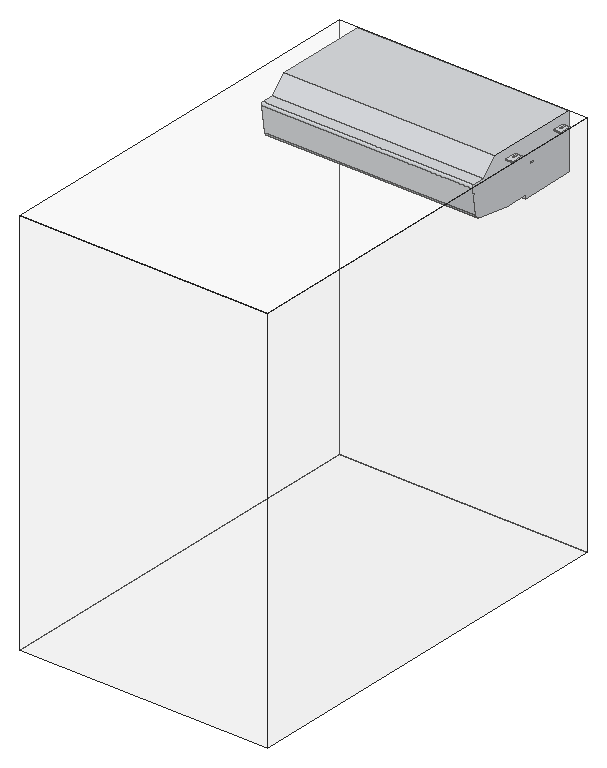
Revit family "pc-rp80_140ha19_60hz", category 機械設備, Revit 2019
Family settings
  丸型コネクタ寸法 = 直径を使用
  パーツ タイプ = 標準
  OmniClass 番号 = 23.75.10.24.21.27.27
  OmniClass タイトル = Split System Air Conditioning Units
  作業面ベース = いいえ
  常に垂直 = はい
  ロード時にボイドで切り取り = いいえ
  共有 = いいえ
  部屋計算ポイント = はい
Parameters (values of type "厨房天吊_PC-RP80HA19")
  風量_強 (m3/min) = 17
  風量_弱 (m3/min) = 15
  風量 = MAX風量  # 1020.0 m³/h
  音響パワーレベル_強 (dB) = 57
  音響パワーレベル_弱 (dB) = 55
  音響パワーレベル(dB) = [音響パワーレベル_強 (dB)]  # 57
  電源種別 = ""
  電源_H = 0 mm
  電圧 = 0 V
  電動機出力_送風機 = 0.04 kW
  運転質量 = 0.00 kg
  連動 = ""
  質量 = if(製品質量 > 運転質量, 製品質量, 運転質量) * 1.2  # 50.40 kg
  負荷分類 = 3_ファン類
  構成品番 = "PC-RP80HA19"
  冷媒液管位置 = 175 mm
  冷媒ガス管位置 = 197 mm
  ドレン管径 (外径) = 32 mm
  【値が 0 の項目は組合せ形名にてご確認ください】 = ""
  MIN風量 = [風量_弱 (m3/min)] * 60.0 m³/h  # 900.0 m³/h
  MAX風量 = [風量_強 (m3/min)] * 60.0 m³/h  # 1020.0 m³/h
  サービススペース = yes
  ケーブルサイズ = 0 mm
  Version = ""
  URL = "https://www.mitsubishielectric.co.jp/ldg/wink/ssl/top.do"
  Line = not(Width = 1136 mm)  # no
  説明 = "店舗・事務所用パッケージエアコン(Mr.SLIM) 厨房用(天吊形)"
  設計暖房能力 = 0.00 kW
  設計冷房能力_顕熱 = 0 kW
  設計冷房能力 = 0 kW
  設置方法 = "天井吊形"
  記号 = ""
  製造元 = "三菱電機株式会社"
  製品質量 = 42.00 kg
  製品出荷対象 = "国内"
  製品リリース年月 = ""
  製品グループ = ""
  系統 = ""
  符号 = "PAC_CRK"
  積算_科目 = "1 空気調和設備"
  積算_拾い区分 [instance] = ""
  相 = 1
  盤記号 = ""
  発停方法 = "付属スイッチ"
  特殊仕様 = ""
  火災停止 = ""
  消費電力_暖房 = 0.14 kW
  消費電力_冷房 = 0.14 kW
  消費電力 = if(消費電力_冷房 > 消費電力_暖房, 消費電力_冷房, 消費電力_暖房)  # 0.14 kW
  法定耐用年数 = "6"
  極数 = 1
  材質 = ""
  本体マテリアル = none
  有効加湿量 = 0
  暖房能力 = 8.00 kW
  推奨ブレーカー容量 = 0 A
  形式_加湿器 = ""
  形式 = "厨房用天井吊（露出）形"
  幹線記号 = ""
  始動方式 = "直入"
  呼称 = "室内機_厨房用天井吊（露出）形"
  周波数 = 60 Hz
  吊り位置Y = 320 mm
  吊り位置X = 1180 mm
  吊りボルト_H = 43 mm
  台数_手元リモコン = ""
  台数_冷媒分岐ユニット = ""
  参照している仕様書等のバージョン = "公共建築工事標準仕様書（機械設備工事編）平成31年度版"
  加湿給水管径 = 0.00 mm
  分類コード = "50053003123100"
  分類グループ = ""
  冷房能力 = 7.1 kW
  冷媒高低圧ガス管径 = 0.00 mm
  冷媒管径符号 = "Bd"
  冷媒管径 = 100.00 mm
  冷媒液管高さ = 165 mm
  冷媒液管径 = 9.52 mm
  冷媒ガス管高さ = 165 mm
  冷媒ガス管径 = 15.88 mm
  企業コード = "108420"
  付属品_フィルター = ""
  付属品 = ""
  仕様書バージョン = "Version1.0"
  Model = ""
  パネルマテリアル = none
  ドレン管高さ = 254 mm
  ドレン管径 = 25.00 mm
  コメント [instance] = ""
  ケーブル種類 = ""
  Width = 1136 mm
  Uniclass2015Version = "Systems v1.9"
  Uniclass2015Title = "Split coil remote air cooled condensing units"
  Uniclass2015Code = "Pr_70_65_03_84"
  SpecificationReference = ""
  SpecificationDescription = ""
  S_H = 295 mm
  Revision = ""
  ProductInformation = ""
  OmniClassCode = "23-33 17 13 11"
  IfcTypeProduct = ""
  IfcProduct = ""
  IfcExportType = "AIRCONDITIONINGUNIT"
  IfcExportAs = "IfcUnitaryEquipmentType"
  Height = 280 mm
  Depth = 650 mm
  価格 = 0
  Clearance Top = 2 mm
  Clearance Right = 100 mm
  Clearance Left = 100 mm
  Clearance Front = 1500 mm
  Clearance Bottom = 1800 mm
  Clearance Back = 0 mm
  Author = "三菱電機株式会社"
Types (2, lengths in mm): name | 風量_強 (m3/min) | 風量_弱 (m3/min) | 風量 | 音響パワーレベル_強 (dB) | 音響パワーレベル_弱 (dB) | 音響パワーレベル(dB) | 電動機出力_送風機 | 質量 | 構成品番 | MIN風量 | MAX風量 | Line | 製品質量 | 消費電力_暖房 | 消費電力_冷房 | 消費電力 | 暖房能力 | 吊り位置X | 冷房能力 | Width
  厨房天吊_PC-RP140HA19 | 38 | 28 | 2280.0 m³/h | 68 | 61 | 68 | 0.16 kW | 67.20 kg | "PC-RP140HA19" | 1680.0 m³/h | 2280.0 m³/h | yes | 56.00 kg | 0.34 kW | 0.34 kW | 0.34 kW | 14.00 kW | 1564 | 12.5 kW | 1520
  厨房天吊_PC-RP80HA19 | 17 | 15 | 1020.0 m³/h | 57 | 55 | 57 | 0.04 kW | 50.40 kg | "PC-RP80HA19" | 900.0 m³/h | 1020.0 m³/h | no | 42.00 kg | 0.14 kW | 0.14 kW | 0.14 kW | 8.00 kW | 1180 | 7.1 kW | 1136
Reference planes
  plane 1 "中心(正面/背面)": y = 0
  plane 2: z = 0
  plane 3 "中心(左/右)": x = 0
  plane 4: x = 523
  plane 5: z = 3835
  plane 6: x = 438
  plane 7: z = 3835
  plane 8: x = 463
  plane 9: z = 3746
  plane 10: x = 668
  plane 11: x = 568
  plane 12: x = -668
  plane 13: x = -568
  plane 14: y = -650
  plane 15: z = -280
  plane 16: y = -2150
  plane 17: x = -590
  plane 18: x = 590
  plane 19: z = -2095
  plane 20: z = -295
  plane 21: x = 558.3
  plane 22: y = -80
  plane 23: y = -400
  plane 24: y = -325
  plane 25: y = -197
  plane 26: y = -175
  plane 27: y = -70
  plane 28: z = -43
  plane 29: z = -165
  plane 30: z = -254
  plane 31: x = 523
  plane 32: x = 438
  plane 33: x = 463
  plane 34: x = 463
  plane 35: z = 3746
  plane 36: z = 2
  plane 37: z = -95
  plane 38: z = -165
Forms (mm)
  Extrusion 1, solid
    sketch origin (0, -325, -4000) x (0, 1, 0) y (0, 0, 1)
      loop
        line (325, 4000) -> (-171.734, 4000) -> (-246.938, 3924.796) -> (-313.202, 3924.796)
        arc (-313.202, 3924.796) -> (-322.395, 3920.509) -> (-325.02, 3910.712) r 12
        line (-325.02, 3910.712) -> (-299.97, 3768.648)
        arc (-299.97, 3768.648) -> (-294.972, 3759.046) -> (-285.369, 3754.047) r 18
        line (-285.369, 3754.047) -> (-92.277, 3720) -> (35.069, 3720) -> (35.069, 3705) -> (325, 3705) -> (325, 4000)
    from -568 to 568
  Extrusion 2, solid, detail levels fine
    sketch origin (0, 0, 0) x (0, 0, -1) y (-1, 0, 0)
      loop
        circle (165.005, -523) r 7.94
    from -325 to -197
  Extrusion 3, solid, detail levels fine
    sketch origin (0, 0, 0) x (0, 0, -1) y (-1, 0, 0)
      loop
        circle (165.005, -438) r 4.76
    from -175 to -325
  Extrusion 4, solid, detail levels fine
    sketch origin (0, 0, 0) x (0, 0, -1) y (-1, 0, 0)
      loop
        circle (254.005, -463) r 16
    from -70 to -325
  Extrusion 5, solid, detail levels fine
    sketch origin (0, 0, -4000) x (1, 0, 0) y (0, 1, 0)
      loop
        line (568, -370) -> (568, -430) -> (612, -430) -> (612, -370) -> (595, -370) -> (595, -400)
        arc (595, -400) -> (590, -405) -> (585, -400) r 5
        line (585, -400) -> (585, -370) -> (568, -370)
    from 3954.5 to 3959.5
  Extrusion 6, solid, detail levels fine
    sketch origin (0, 320, -4000) x (1, 0, 0) y (0, 1, 0)
      loop
        line (568, -370) -> (568, -430) -> (612, -430) -> (612, -370) -> (595, -370) -> (595, -400)
        arc (595, -400) -> (590, -405) -> (585, -400) r 5
        line (585, -400) -> (585, -370) -> (568, -370)
    from 3954.5 to 3959.5
  Extrusion 7, solid, detail levels fine
    sketch origin (-1180, 0, -4000) x (1, 0, 0) y (0, 1, 0)
      loop
        line (568, -370) -> (568, -430) -> (612, -430) -> (612, -370) -> (595, -370) -> (595, -400)
        arc (595, -400) -> (590, -405) -> (585, -400) r 5
        line (585, -400) -> (585, -370) -> (568, -370)
    from 3954.5 to 3959.5
  Extrusion 8, solid, detail levels fine
    sketch origin (-1180, 320, -4000) x (1, 0, 0) y (0, 1, 0)
      loop
        line (568, -370) -> (568, -430) -> (612, -430) -> (612, -370) -> (595, -370) -> (595, -400)
        arc (595, -400) -> (590, -405) -> (585, -400) r 5
        line (585, -400) -> (585, -370) -> (568, -370)
    from 3954.5 to 3959.5
  Extrusion 9, solid, detail levels fine
    sketch origin (-3.482, 0, 0) x (1, 0, 0) y (0, 0, 1)
      loop
        circle (483.982, -165) r 50
    from 0 to 5
  Extrusion 10, solid, detail levels fine
    sketch origin (0, 160, 0) x (0, 0, -1) y (-1, 0, 0)
      loop
        circle (254.005, -463) r 16
    from -160 to -165
Lines and regions (mm)
  model lines, detail levels fine
    curve 1: line (-493, -647.647, -102.744) -> (-493, -628.546, -211.073)
    curve 2: line (493, -647.647, -102.744) -> (493, -628.546, -211.073)
    curve 3: line (-493, -647.647, -102.744) -> (493, -647.647, -102.744)
    curve 4: line (493, -628.546, -211.073) -> (-493, -628.546, -211.073)
Dimensions and locks
  equal spacing: plane 13, plane 3 "中心(左/右)", plane 11
  "Width": plane 13 to plane 11
  "Clearance Right": plane 11 to plane 10
  "Clearance Left": plane 12 to plane 13
  "Depth": plane 14 to plane 1 "中心(正面/背面)"
  "Height": level to plane 15
  "Clearance Front": plane 16 to plane 14
  equal spacing: plane 17, plane 3 "中心(左/右)", plane 18
  "吊り位置X": plane 17 to plane 18
  "S_H": level to plane 20
  locked: plane 21 to plane 11 at 9.7
  locked: plane 22 to plane 1 "中心(正面/背面)" at 80
  "吊り位置Y": plane 22 to plane 23
  plane 27 to plane 1 "中心(正面/背面)" = 70 mm
  "冷媒液管位置": plane 26 to plane 1 "中心(正面/背面)"  (x2)
  "冷媒ガス管位置": plane 25 to plane 1 "中心(正面/背面)"  (x2)
  plane 24 to plane 25 = 128 mm
  plane 24 to plane 26 = 150 mm
  "Clearance Bottom": plane 20 to plane 19
  "吊りボルト_H": level to plane 28
  level to plane 29 = 165 mm
  level to plane 30 = 254 mm
  plane 31 to plane 11 = 45 mm
  plane 32 to plane 31 = 85 mm
  plane 33 to plane 11 = 105 mm
  "Clearance Back": plane 1 "中心(正面/背面)" to nested 1
  equal spacing: plane 32, Extrusion 9 sketch curve, plane 31
  "Clearance Top": plane 36 to plane 2
  "冷媒ガス管高さ": plane 2 to plane 29
  "冷媒液管高さ": Extrusion 1 to plane 38
  "冷媒液管径": diameter of Extrusion 3 sketch curve
  "冷媒ガス管径": diameter of Extrusion 2 sketch curve
  "ドレン管径 (外径)": diameter of Extrusion 4 sketch curve
  "ドレン管径 (外径)": diameter of Extrusion 10 sketch curve
  aligned and locked: level to plane 2
  aligned and locked: plane 11 to Extrusion 1
  aligned and locked: plane 13 to Extrusion 1
  aligned and locked: plane 12 to nested 1
  aligned and locked: nested 1 to plane 10
  aligned and locked: plane 17 to nested 2
  aligned and locked: nested 2 to plane 18
  aligned and locked: plane 20 to Extrusion 1
  aligned and locked: plane 19 to nested 1
  aligned and locked: plane 21 to nested 3
  aligned and locked: nested 1 to plane 16
  aligned and locked: plane 22 to nested 2
  aligned and locked: plane 23 to nested 2
  aligned and locked: plane 1 "中心(正面/背面)" to nested 1
  aligned and locked: plane 36 to nested 1
Automatic sketch dimensions
  Extrusion 1 sketch curve to level = 0 mm
  Extrusion 1 sketch curve to plane 15 = 0 mm
  Extrusion 1 sketch curve to plane 20 = 0 mm
  Extrusion 1 sketch curve to plane 1 "中心(正面/背面)" = 0 mm
  plane 24 to Extrusion 1 sketch curve = 35.069 mm
  Extrusion 1 sketch curve to plane 23 = 17.277 mm
  Extrusion 1 sketch curve to plane 23 = 96.734 mm
  Extrusion 1 sketch curve to plane 28 = 32.204 mm
  plane 14 to Extrusion 1 sketch curve = 78.062 mm
  plane 14 to Extrusion 1 sketch curve = 42.756 mm
  plane 30 to Extrusion 1 sketch curve = 8.047 mm
  Extrusion 1 sketch curve to Extrusion 1 sketch curve = 3.126 mm
  Extrusion 1 sketch curve to Extrusion 1 sketch curve = 17.727 mm
  plane 14 to Extrusion 1 sketch curve = 11.798 mm
  Extrusion 1 sketch curve to plane 14 = 0.02 mm
  Extrusion 1 sketch curve to Extrusion 1 sketch curve = 14.601 mm
  Extrusion 1 sketch curve to Extrusion 1 sketch curve = 14.084 mm
  Extrusion 1 to curve 3 = 13.664 mm
  curve 2 to Extrusion 1 = 20.591 mm
  Extrusion 1 to curve 1 = 75 mm
  Extrusion 1 to curve 3 = 75 mm
  Extrusion 5 sketch curve to plane 11 = 0 mm
  Extrusion 5 sketch curve to plane 23 = 0 mm
  Extrusion 5 sketch curve to plane 18 = 0 mm
  Extrusion 5 sketch curve to Extrusion 5 sketch curve = 5 mm
  Extrusion 5 sketch curve to plane 18 = 22 mm
  Extrusion 5 sketch curve to plane 23 = 30 mm
  plane 23 to Extrusion 5 sketch curve = 30 mm
  Extrusion 5 sketch curve to Extrusion 5 sketch curve = 0 mm
  Extrusion 6 sketch curve to plane 11 = 0 mm
  Extrusion 6 sketch curve to plane 22 = 0 mm
  Extrusion 6 sketch curve to plane 18 = 0 mm
  Extrusion 6 sketch curve to Extrusion 6 sketch curve = 5 mm
  Extrusion 6 sketch curve to plane 18 = 22 mm
  Extrusion 6 sketch curve to plane 22 = 30 mm
  plane 27 to Extrusion 6 sketch curve = 20 mm
  Extrusion 6 sketch curve to Extrusion 6 sketch curve = 0 mm
  Extrusion 7 sketch curve to plane 23 = 0 mm
  Extrusion 7 sketch curve to plane 17 = 0 mm
  Extrusion 7 sketch curve to plane 13 = 0 mm
  Extrusion 7 sketch curve to plane 17 = 5 mm
  Extrusion 7 sketch curve to plane 17 = 22 mm
  Extrusion 7 sketch curve to plane 23 = 30 mm
  plane 23 to Extrusion 7 sketch curve = 30 mm
  Extrusion 7 sketch curve to Extrusion 7 sketch curve = 0 mm
  Extrusion 8 sketch curve to plane 22 = 0 mm
  Extrusion 8 sketch curve to plane 17 = 0 mm
  Extrusion 8 sketch curve to plane 13 = 0 mm
  Extrusion 8 sketch curve to plane 17 = 5 mm
  Extrusion 8 sketch curve to plane 17 = 22 mm
  Extrusion 8 sketch curve to plane 22 = 30 mm
  plane 27 to Extrusion 8 sketch curve = 20 mm
  Extrusion 8 sketch curve to Extrusion 8 sketch curve = 0 mm
  Extrusion 9 sketch curve to plane 29 = 0 mm
  Extrusion 1 to Extrusion 2 sketch curve = 45 mm
  Extrusion 2 sketch curve to Extrusion 1 = 129.995 mm
  Extrusion 3 sketch curve to Extrusion 1 = 129.995 mm
  Extrusion 1 to Extrusion 3 sketch curve = 130 mm
  Extrusion 4 sketch curve to Extrusion 1 = 40.995 mm
  Extrusion 1 to Extrusion 4 sketch curve = 105 mm
  plane 33 to Extrusion 10 sketch curve = 0 mm
  Extrusion 10 sketch curve to plane 30 = 0.005 mm
  radius of Extrusion 9 sketch curve = 50 mm
Nested families
  nested 1: "サービススペース" at (0, -1075, -1046.5), visible <- "サービススペース", type "サービススペース"
    with Width 1336 mm, Height 2097 mm, Depth 2150 mm
  nested 2: "固定点" at (-590, -400, 0), type "固定点"
    with W 1180 mm, D 320 mm
  nested 3: "吸込口" at (-192, 0, -4000), Width <- "Width", type "吸込口"
    with Width 1136 mm, Line no
Connectors
  piping at (480.5, 0, -165), diameter 100, driven by "冷媒管径", driven by "冷媒管径符号"
    settings: on Extrusion 9, index 1, connector inside diameter 609.60 mm, connector length 0 mm, flow factor 0, pipe flow 0.0 L/s, pressure drop 0.0 Pa, fitting loss kfactor 0, connector angle 0.00°, fixture units 0, engagement length 0 mm, angle of deflection 0.00°, flow configuration 1, flow direction 1, fitting loss method 4, system type 7, joint type 0, gender type 0, connector reference index -1, connector utility 0, adjustable connector no, is connector primary yes, connector description "Bd"
  piping at (463, 0, -254.005), diameter 32, driven by "ドレン管径 (外径)"
    settings: on Extrusion 10, index 2, connector inside diameter 609.60 mm, connector length 0 mm, flow factor 0, pipe flow 0.0 L/s, pressure drop 0.0 Pa, fitting loss kfactor 0, connector angle 0.00°, fixture units 0, engagement length 0 mm, angle of deflection 0.00°, flow configuration 1, flow direction 2, fitting loss method 4, system type 16, joint type 0, gender type 0, connector reference index -1, connector utility 0, adjustable connector no, is connector primary no, connector description ""
  electrical at (568, -417.216, -169.727), driven by "極数", driven by "負荷分類", driven by "電圧", driven by "消費電力"
    settings: on Extrusion 1, index 3, voltage 0 V, apparent load 140 VA, apparent load phase1 0 VA, apparent load phase2 0 VA, apparent load phase3 0 VA, power factor 1, load classification "3_ファン類", number of poles 1, system type 30, power factor state 1, is connector primary yes, connector utility no, sub classification motor no, connector description ""
Definition of nested family "サービススペース"
  Parameters (values of type "サービススペース")
    Width [instance] = 500 mm
    Height [instance] = 500 mm
    Depth [instance] = 500 mm
  Reference planes
    plane 1 "中心(正面/背面)": y = 0
    plane 2: z = 0
    plane 3 "中心(左/右)": x = 0
    plane 4: y = -250
    plane 5: x = 250
    plane 6: y = 250
    plane 7: x = -250
    plane 8: z = 250
    plane 9: z = -250
  Forms (mm)
    Extrusion 1, solid
      sketch origin (-638.939, 0, 72.39) x (1, 0, 0) y (0, 1, 0)
        loop
          line (388.939, 250) -> (388.939, -250) -> (888.939, -250) -> (888.939, 250) -> (388.939, 250)
      from -322.39 to 177.61
  Lines and regions (mm)
    symbolic lines
      curve 1: line (-250, 0, 250) -> (250, 0, 250)
      curve 2: line (-250, 0, -250) -> (-250, 0, 250)
      curve 3: line (250, 0, -250) -> (-250, 0, -250)
      curve 4: line (250, 0, 250) -> (250, 0, -250)
      curve 5: line (0, -250, 250) -> (0, 250, 250)
      curve 6: line (0, -250, -250) -> (0, -250, 250)
      curve 7: line (0, 250, -250) -> (0, -250, -250)
      curve 8: line (0, 250, 250) -> (0, 250, -250)
      curve 9: line (-250, 250, 0) -> (250, 250, 0)
      curve 10: line (-250, -250, 0) -> (-250, 250, 0)
      curve 11: line (250, -250, 0) -> (-250, -250, 0)
      curve 12: line (250, 250, 0) -> (250, -250, 0)
  Dimensions and locks
    equal spacing: plane 7, plane 3 "中心(左/右)", plane 5
    equal spacing: plane 4, plane 1 "中心(正面/背面)", plane 6
    "Depth": plane 4 to plane 6
    "Width": plane 7 to plane 5
    equal spacing: plane 8, plane 2, plane 9
    "Height": plane 8 to plane 9
    aligned and locked: plane 9 to curve 3
    aligned and locked: plane 7 to curve 2
    aligned and locked: curve 4 to plane 5
    aligned and locked: plane 5 to Extrusion 1
    aligned and locked: Extrusion 1 to plane 7
    aligned and locked: Extrusion 1 to plane 9
    aligned and locked: plane 8 to Extrusion 1
    aligned and locked: plane 9 to curve 7
  Automatic sketch dimensions
    plane 4 to Extrusion 1 sketch curve = 0 mm
    Extrusion 1 sketch curve to plane 7 = 0 mm
    Extrusion 1 sketch curve to plane 5 = 0 mm
    plane 6 to Extrusion 1 sketch curve = 0 mm
    curve 2 to plane 8 = 0 mm
    plane 4 to curve 11 = 0 mm
    curve 11 to plane 7 = 0 mm
    curve 11 to plane 5 = 0 mm
    plane 6 to curve 10 = 0 mm
    curve 7 to plane 4 = 0 mm
    curve 7 to plane 6 = 0 mm
    curve 6 to plane 8 = 0 mm
Definition of nested family "固定点"
  Parameters (values of type "固定点")
    中心円 = 20 mm
    W [instance] = 1000 mm
    D [instance] = 1000 mm
  Reference planes
    plane 1 "中心(正面/背面)": y = 0
    plane 2: z = 0
    plane 3 "中心(左/右)": x = 0
    plane 4: x = 1000
    plane 5: y = 1000
  Lines and regions (mm)
    symbolic lines, detail levels fine
      curve 1: circle (0, 1000, 0) r 10 normal (0, 0, 1)
      curve 2: circle (0, 0, 0) r 10 normal (0, 0, 1)
      curve 3: circle (1000, 1000, 0) r 10 normal (0, 0, 1)
      curve 4: circle (1000, 0, 0) r 10 normal (0, 0, 1)
      curve 5: line (-200, 1000, 0) -> (1200, 1000, 0)
      curve 6: line (-200, 0, 0) -> (1200, 0, 0)
      curve 7: line (0, 1200, 0) -> (0, -200, 0)
      curve 8: line (1000, 1200, 0) -> (1000, -200, 0)
  Dimensions and locks
    "W": plane 3 "中心(左/右)" to plane 4
    "D": plane 1 "中心(正面/背面)" to plane 5
    "中心円": diameter of curve 1
    "中心円": diameter of curve 2
    "中心円": diameter of curve 3
    "中心円": diameter of curve 4
    aligned and locked: level to plane 2
    aligned and locked: plane 5 to curve 1
    aligned and locked: plane 3 "中心(左/右)" to curve 1
    aligned and locked: plane 3 "中心(左/右)" to curve 2
    aligned and locked: plane 1 "中心(正面/背面)" to curve 2
    aligned and locked: plane 4 to curve 3
    aligned and locked: plane 5 to curve 3
    aligned and locked: plane 1 "中心(正面/背面)" to curve 4
    aligned and locked: plane 4 to curve 4
    aligned and locked: plane 1 "中心(正面/背面)" to curve 6
    aligned and locked: curve 7 to plane 3 "中心(左/右)"
    aligned and locked: curve 8 to plane 4
  Automatic sketch dimensions
    curve 5 to plane 5 = 0 mm
    curve 6 to plane 3 "中心(左/右)" = 200 mm
    curve 5 to plane 3 "中心(左/右)" = 200 mm
    curve 4 to curve 6 = 200 mm
    curve 3 to curve 5 = 200 mm
    plane 1 "中心(正面/背面)" to curve 8 = 200 mm
    plane 1 "中心(正面/背面)" to curve 7 = 200 mm
    curve 3 to curve 8 = 200 mm
    curve 1 to curve 7 = 200 mm
Definition of nested family "吸込口"
  Parameters (values of type "吸込口")
    Width [instance] = 1136 mm
    Line [instance] = not(Width = 1136 mm)  # no
  Reference planes
    plane 1 "Center (Front/Back)": y = 0
    plane 2: z = 0
    plane 3 "Center (Left/Right)": x = 0
  Lines and regions (mm)
    model lines, visible <- "Line", detail levels fine
      curve 1: line (-376.3, -289.931, 3705) -> (-376.3, 0, 3705)
      curve 12: line (-391.3, 0, 3705) -> (-391.3, -289.931, 3705)
      curve 13: line (-750.3, -274.931, 3705) -> (-750.3, -15, 3705)
      curve 14: line (-401.3, -15, 3705) -> (-401.3, -274.931, 3705)
      curve 15: line (-750.3, -15, 3705) -> (-401.3, -15, 3705)
      curve 16: line (-401.3, -274.931, 3705) -> (-750.3, -274.931, 3705)
      curve 17: line (-750.3, -54.429, 3705) -> (-595.903, -274.931, 3705)
      curve 18: line (-401.3, -55, 3705) -> (-555.297, -274.931, 3705)
      curve 19: line (-750.3, -235.571, 3705) -> (-595.854, -15, 3705)
      curve 20: line (-401.3, -235, 3705) -> (-555.346, -15, 3705)
      curve 21: line (-750.3, -274.931, 3705) -> (-750.3, -15, 3705)
      curve 40: line (750.3, -274.931, 3705) -> (750.3, -15, 3705)
    model lines, detail levels fine
      curve 2: line (-7.7, 0, 3705) -> (-7.7, -289.931, 3705)
      curve 3: line (-366.3, -274.931, 3705) -> (-366.3, -15, 3705)
      curve 4: line (-17.7, -15, 3705) -> (-17.7, -274.931, 3705)
      curve 5: line (-366.3, -15, 3705) -> (-17.7, -15, 3705)
      curve 6: line (-17.7, -274.931, 3705) -> (-366.3, -274.931, 3705)
      curve 7: line (-366.3, -55, 3705) -> (-212.303, -274.931, 3705)
      curve 8: line (-17.7, -55, 3705) -> (-171.697, -274.931, 3705)
      curve 9: line (-366.3, -235, 3705) -> (-212.254, -15, 3705)
      curve 10: line (-17.7, -235, 3705) -> (-171.746, -15, 3705)
      curve 11: line (7.3, -289.931, 3705) -> (7.3, 0, 3705)
      curve 22: line (376.3, -289.931, 3705) -> (376.3, 0, 3705)
      curve 23: line (366.3, -274.931, 3705) -> (366.3, -15, 3705)
      curve 24: line (17.7, -15, 3705) -> (17.7, -274.931, 3705)
      curve 25: line (366.3, -15, 3705) -> (17.7, -15, 3705)
      curve 26: line (17.7, -274.931, 3705) -> (366.3, -274.931, 3705)
      curve 27: line (366.3, -55, 3705) -> (212.303, -274.931, 3705)
      curve 28: line (17.7, -55, 3705) -> (171.697, -274.931, 3705)
      curve 29: line (366.3, -235, 3705) -> (212.254, -15, 3705)
      curve 30: line (17.7, -235, 3705) -> (171.746, -15, 3705)
      curve 31: line (391.3, 0, 3705) -> (391.3, -289.931, 3705)
      curve 32: line (750.3, -274.931, 3705) -> (750.3, -15, 3705)
      curve 33: line (401.3, -15, 3705) -> (401.3, -274.931, 3705)
      curve 34: line (750.3, -15, 3705) -> (401.3, -15, 3705)
      curve 35: line (401.3, -274.931, 3705) -> (750.3, -274.931, 3705)
      curve 36: line (750.3, -54.429, 3705) -> (595.903, -274.931, 3705)
      curve 37: line (401.3, -55, 3705) -> (555.297, -274.931, 3705)
      curve 38: line (750.3, -235.571, 3705) -> (595.854, -15, 3705)
      curve 39: line (401.3, -235, 3705) -> (555.346, -15, 3705)
  Dimensions and locks
    aligned and locked: level to plane 2
